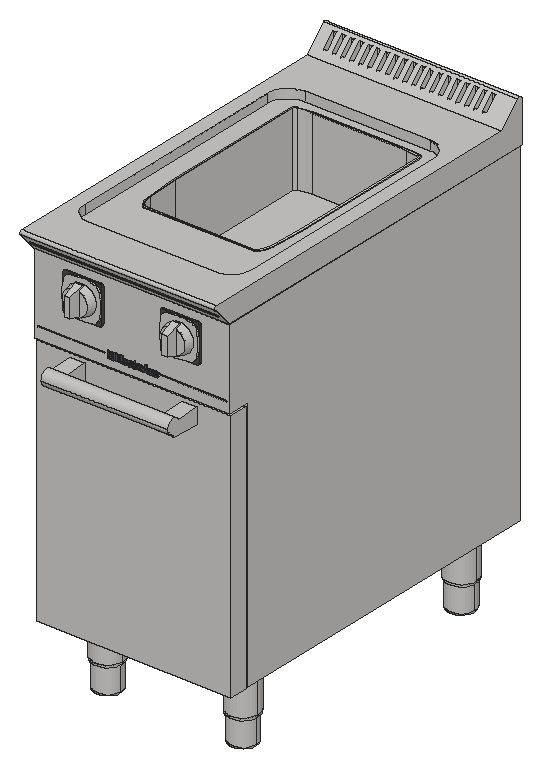
Revit family "QF_ELECTROLUXPROFESSIONAL_169123_ACPG25", category Specialty Equipment, Revit 2018 (continued)
Automatic sketch dimensions
  Extrusion 1 sketch curve to plane 12 = 8.7543"
  Extrusion 1 sketch curve to Extrusion 1 sketch curve = 0.19704"
  Extrusion 1 sketch curve to plane 12 = 1.97597"
  Extrusion 1 sketch curve to Extrusion 1 sketch curve = 0.07881"
  Extrusion 1 sketch curve to plane 12 = 0.33034"
  Extrusion 2 sketch curve to plane 15 = 0"
  Extrusion 2 sketch curve to plane 10 = 0.55911"  (x2)
  Extrusion 2 sketch curve to Extrusion 2 sketch curve = 0.00981"
  Extrusion 2 sketch curve to Extrusion 2 sketch curve = 0.01031"
  Extrusion 2 sketch curve to Extrusion 2 sketch curve = 0"  (x2)
  Extrusion 2 sketch curve to Extrusion 2 sketch curve = 0.19704"
  Extrusion 2 sketch curve to Extrusion 2 sketch curve = 0.11827"
  Extrusion 2 sketch curve to Extrusion 2 sketch curve = 0.68487"
  Extrusion 4 sketch curve to plane 15 = 0"
  Extrusion 4 sketch curve to plane 10 = 0.55911"  (x2)
  Extrusion 4 sketch curve to Extrusion 4 sketch curve = 0.00981"
  Extrusion 4 sketch curve to Extrusion 4 sketch curve = 0.01031"
  Extrusion 4 sketch curve to Extrusion 4 sketch curve = 0"  (x2)
  Extrusion 4 sketch curve to Extrusion 4 sketch curve = 0.19704"
  Extrusion 4 sketch curve to Extrusion 4 sketch curve = 0.11825"
  Extrusion 4 sketch curve to Extrusion 4 sketch curve = 0.68487"
  Extrusion 1 to Extrusion 5 sketch curve = 4"  (x2)
  Extrusion 5 sketch curve to Extrusion 1 = 13.28078"
  Extrusion 1 to Extrusion 5 sketch curve = 0.64672"  (x2)
  Extrusion 5 sketch curve to Extrusion 5 sketch curve = 0.21601"
  Extrusion 5 sketch curve to Extrusion 5 sketch curve = 0.2168"
  Extrusion 5 sketch curve to Extrusion 5 sketch curve = 0"  (x4)
  Extrusion 5 sketch curve to Extrusion 5 sketch curve = 0.23583"
  Extrusion 5 sketch curve to Extrusion 5 sketch curve = 0.01903"  (x2)
  Extrusion 1 to Extrusion 5 sketch curve = 2.24631"  (x2)
  Extrusion 5 sketch curve to Extrusion 5 sketch curve = 2.72752"
  Extrusion 5 sketch curve to Extrusion 5 sketch curve = 0.01981"
  Extrusion 5 sketch curve to Extrusion 5 sketch curve = 0.23562"  (x2)
  Extrusion 1 to Extrusion 5 sketch curve = 11.19212"
  Extrusion 1 to Extrusion 5 sketch curve = 2.63625"
  Extrusion 5 sketch curve to Extrusion 5 sketch curve = 0.01713"
  Extrusion 5 sketch curve to Extrusion 1 = 3.5271"
  Extrusion 6 sketch curve to Extrusion 6 sketch curve = 1.03953"
  Extrusion 6 sketch curve to Extrusion 6 sketch curve = 1.03981"
  Extrusion 6 sketch curve to Extrusion 6 sketch curve = 0"  (x3)
  Extrusion 6 sketch curve to Extrusion 6 sketch curve = 0.57459"
  Extrusion 6 sketch curve to Extrusion 6 sketch curve = 0.57431"
  Extrusion 6 sketch curve to Extrusion 6 sketch curve = 0.16732"  (x4)
  Extrusion 6 sketch curve to Extrusion 6 sketch curve = 0.91132"  (x2)
  Extrusion 6 sketch curve to Extrusion 6 sketch curve = 1.48801"  (x2)
  Extrusion 6 sketch curve to Extrusion 6 sketch curve = 0.74163"
  Extrusion 6 sketch curve to Extrusion 6 sketch curve = 0.74197"
  Extrusion 6 sketch curve to Extrusion 6 sketch curve = 1.03948"  (x3)
  Extrusion 6 sketch curve to Extrusion 6 sketch curve = 0.57443"
  Extrusion 6 sketch curve to Extrusion 6 sketch curve = 0.57468"
  Extrusion 6 sketch curve to Extrusion 6 sketch curve = 0.91129"
  Extrusion 6 sketch curve to Extrusion 6 sketch curve = 0.91154"
  Extrusion 6 sketch curve to Extrusion 6 sketch curve = 0.16877"  (x2)
  Blend 8 sketch curve to Blend 8 sketch curve = 2.29076"
  Blend 8 sketch curve to Blend 8 sketch curve = 0.5483"
  Blend 8 sketch curve to Blend 8 sketch curve = 1.50829"
  Blend 8 sketch curve to Blend 8 sketch curve = 0.43867"
  Extrusion 1 to Extrusion 9 sketch curve = 4"  (x2)
  Extrusion 9 sketch curve to Extrusion 1 = 13.28078"
  Extrusion 1 to Extrusion 9 sketch curve = 0.64672"  (x2)
  Extrusion 9 sketch curve to Extrusion 9 sketch curve = 0.21601"
  Extrusion 9 sketch curve to Extrusion 9 sketch curve = 0.2168"
  Extrusion 9 sketch curve to Extrusion 9 sketch curve = 0"  (x3)
  Extrusion 9 sketch curve to Extrusion 9 sketch curve = 0.23583"
  Extrusion 9 sketch curve to Extrusion 9 sketch curve = 0.01903"  (x2)
  Extrusion 1 to Extrusion 9 sketch curve = 2.24631"  (x2)
  Extrusion 9 sketch curve to Extrusion 9 sketch curve = 2.72752"
  Extrusion 9 sketch curve to Extrusion 9 sketch curve = 0.01981"  (x2)
  Extrusion 9 sketch curve to Extrusion 9 sketch curve = 0.23562"  (x2)
  Extrusion 1 to Extrusion 9 sketch curve = 11.19212"
  Extrusion 1 to Extrusion 9 sketch curve = 5.36375"
  Extrusion 9 sketch curve to Extrusion 9 sketch curve = 0.01713"
  Extrusion 9 sketch curve to Extrusion 1 = 3.5271"
  Extrusion 10 sketch curve to Extrusion 10 sketch curve = 1.03953"
  Extrusion 10 sketch curve to Extrusion 10 sketch curve = 1.03981"
  Extrusion 10 sketch curve to Extrusion 10 sketch curve = 0"  (x4)
  Extrusion 10 sketch curve to Extrusion 10 sketch curve = 0.57459"
  Extrusion 10 sketch curve to Extrusion 10 sketch curve = 0.57431"
  Extrusion 10 sketch curve to Extrusion 10 sketch curve = 0.16732"  (x4)
  Extrusion 10 sketch curve to Extrusion 10 sketch curve = 0.91132"  (x2)
  Extrusion 10 sketch curve to Extrusion 10 sketch curve = 1.48801"  (x2)
  Extrusion 10 sketch curve to Extrusion 10 sketch curve = 0.74163"
  Extrusion 10 sketch curve to Extrusion 10 sketch curve = 0.74197"
  Extrusion 10 sketch curve to Extrusion 10 sketch curve = 1.03948"  (x3)
  Extrusion 10 sketch curve to Extrusion 10 sketch curve = 0.57319"  (x2)
  Extrusion 10 sketch curve to Extrusion 10 sketch curve = 0.91277"
  Extrusion 10 sketch curve to Extrusion 10 sketch curve = 0.91154"
  Extrusion 10 sketch curve to Extrusion 10 sketch curve = 0.16728"
  Blend 12 sketch curve to Blend 12 sketch curve = 2.29076"
  Blend 12 sketch curve to Blend 12 sketch curve = 0.5483"
  Blend 12 sketch curve to Blend 12 sketch curve = 1.50829"
  Blend 12 sketch curve to Blend 12 sketch curve = 0.43867"
  plane 13 to Extrusion 13 sketch curve = 2.72312"
  Extrusion 13 sketch curve to Extrusion 13 sketch curve = 0.50596"  (x2)
  Extrusion 13 sketch curve to Extrusion 13 sketch curve = 1.74979"
  Extrusion 13 sketch curve to Extrusion 13 sketch curve = 1.24507"
  Extrusion 13 sketch curve to Extrusion 13 sketch curve = 0"  (x5)
  Extrusion 13 sketch curve to plane 18 = 1.00419"  (x2)
  Extrusion 13 sketch curve to Extrusion 13 sketch curve = 0.12571"
  Extrusion 13 sketch curve to plane 17 = 1.00419"
  Extrusion 13 sketch curve to Extrusion 13 sketch curve = 1.87675"  (x2)
  plane 17 to Extrusion 13 sketch curve = 0.3666"
  plane 17 to Extrusion 13 sketch curve = 0.36661"
  Extrusion 13 sketch curve to plane 14 = 0.84536"
  plane 14 to Extrusion 13 sketch curve = 0.52543"  (x2)
  plane 14 to Extrusion 13 sketch curve = 0.65115"  (x2)
  Extrusion 13 sketch curve to Extrusion 13 sketch curve = 1.24508"
  Extrusion 13 sketch curve to plane 17 = 1.12991"
  Extrusion 13 sketch curve to plane 18 = 1.12991"
  plane 3 "LEFT" to Extrusion 13 sketch curve = 1.11906"
  Extrusion 13 sketch curve to plane 18 = 1.13097"
  Extrusion 13 to Extrusion 14 sketch curve = 3.60594"  (x2)
  Extrusion 14 sketch curve to Extrusion 13 = 1.58698"
  Extrusion 14 sketch curve to Extrusion 13 = 1.73276"
  Extrusion 14 sketch curve to Extrusion 14 sketch curve = 0"  (x6)
  Extrusion 14 sketch curve to Extrusion 14 sketch curve = 0.28994"
  Extrusion 14 sketch curve to Extrusion 14 sketch curve = 0.39291"  (x2)
  Extrusion 14 sketch curve to Extrusion 14 sketch curve = 0.33411"  (x2)
  Extrusion 14 sketch curve to Extrusion 14 sketch curve = 0.36596"  (x2)
  Extrusion 14 sketch curve to Extrusion 13 = 0.73205"
  Extrusion 14 sketch curve to Extrusion 14 sketch curve = 1.13798"
  Extrusion 14 sketch curve to Extrusion 14 sketch curve = 1.87727"  (x2)
  Extrusion 14 sketch curve to Extrusion 13 = 4.31011"
  Extrusion 14 sketch curve to Extrusion 13 = 3.0149"
  Extrusion 14 sketch curve to Extrusion 14 sketch curve = 1.03501"
  Extrusion 14 sketch curve to Extrusion 14 sketch curve = 0.10297"
  Extrusion 14 sketch curve to Extrusion 14 sketch curve = 8.26235"  (x2)
  Extrusion 14 sketch curve to Extrusion 14 sketch curve = 0.56761"
  Extrusion 15 sketch curve to Extrusion 15 sketch curve = 0"  (x4)
  Extrusion 15 sketch curve to Extrusion 14 = 0.15177"
  Extrusion 15 sketch curve to Extrusion 15 sketch curve = 0.10297"
  Extrusion 15 sketch curve to Extrusion 14 = 0.20923"
  Extrusion 15 sketch curve to Extrusion 14 = 0.47989"
  Extrusion 17 sketch curve to plane 16 = 0"  (x2)
  Extrusion 17 sketch curve to plane 17 = 0"
  plane 18 to Extrusion 17 sketch curve = 0"
  plane 5 "FRONT" to Extrusion 18 sketch curve = 0"  (x2)
  Extrusion 18 sketch curve to plane 3 "LEFT" = 0"
  Extrusion 18 sketch curve to plane 4 "RIGHT" = 0"
  Extrusion 18 sketch curve to plane 3 "LEFT" = 4"
  Extrusion 18 sketch curve to plane 4 "RIGHT" = 4"
  plane 1 "BACK" to Extrusion 18 sketch curve = 0"
  plane 21 to Extrusion 18 sketch curve = 5 5/16"
  Extrusion 19 sketch curve to Extrusion 1 = 1.22084"
  Extrusion 19 sketch curve to Extrusion 1 = 1.20874"
  Extrusion 19 sketch curve to Extrusion 19 sketch curve = 0.0121"
  Extrusion 19 sketch curve to Extrusion 19 sketch curve = 0.0192"
  Extrusion 19 sketch curve to Extrusion 19 sketch curve = 0.0033"
  Extrusion 19 sketch curve to Extrusion 19 sketch curve = 0.01408"
  Extrusion 19 sketch curve to Extrusion 19 sketch curve = 0.02226"
  Extrusion 19 sketch curve to Extrusion 19 sketch curve = 0.04702"
  Extrusion 19 sketch curve to Extrusion 19 sketch curve = 0.01406"
  Extrusion 19 sketch curve to Extrusion 19 sketch curve = 0"  (x27)
  Extrusion 19 sketch curve to Extrusion 19 sketch curve = 0.02824"
  Extrusion 19 sketch curve to Extrusion 19 sketch curve = 0.02657"
  Extrusion 19 sketch curve to Extrusion 19 sketch curve = 0.08092"
  Extrusion 19 sketch curve to Extrusion 19 sketch curve = 0.05744"
  Extrusion 19 sketch curve to Extrusion 19 sketch curve = 0.03525"  (x2)
  Extrusion 19 sketch curve to Extrusion 19 sketch curve = 0.04059"
  Extrusion 19 sketch curve to Extrusion 19 sketch curve = 0.00721"
  Extrusion 19 sketch curve to Extrusion 19 sketch curve = 0.04978"
  Extrusion 19 sketch curve to Extrusion 19 sketch curve = 0.05114"
  Extrusion 19 sketch curve to Extrusion 19 sketch curve = 0.00504"
  Extrusion 19 sketch curve to Extrusion 19 sketch curve = 0.00534"
  Extrusion 19 sketch curve to Extrusion 19 sketch curve = 0.01941"
  Extrusion 19 sketch curve to Extrusion 19 sketch curve = 0.11783"
  Extrusion 19 sketch curve to Extrusion 19 sketch curve = 0.00191"
  Extrusion 19 sketch curve to Extrusion 19 sketch curve = 0.2011"  (x2)
  Extrusion 19 sketch curve to Extrusion 19 sketch curve = 0.19096"
  Extrusion 19 sketch curve to Extrusion 19 sketch curve = 0.00246"
  Extrusion 19 sketch curve to Extrusion 19 sketch curve = 0.00497"
  Extrusion 19 sketch curve to Extrusion 19 sketch curve = 0.12721"
  Extrusion 19 sketch curve to Extrusion 19 sketch curve = 0.00272"  (x2)
  Extrusion 19 sketch curve to Extrusion 19 sketch curve = 0.00663"
  Extrusion 19 sketch curve to Extrusion 19 sketch curve = 0.01654"
  Extrusion 19 sketch curve to Extrusion 19 sketch curve = 0.02545"
  Extrusion 19 sketch curve to Extrusion 19 sketch curve = 0.09212"
  Extrusion 19 sketch curve to Extrusion 19 sketch curve = 0.02433"
  Extrusion 19 sketch curve to Extrusion 19 sketch curve = 0.03235"
  Extrusion 19 sketch curve to Extrusion 19 sketch curve = 0.00898"
  Extrusion 19 sketch curve to Extrusion 19 sketch curve = 0.0413"
  Extrusion 19 sketch curve to Extrusion 19 sketch curve = 0.00253"
  Extrusion 19 sketch curve to Extrusion 19 sketch curve = 0.03097"
  Extrusion 19 sketch curve to Extrusion 19 sketch curve = 0.04818"  (x2)
  Extrusion 19 sketch curve to Extrusion 19 sketch curve = 0.05335"
  Extrusion 19 sketch curve to Extrusion 19 sketch curve = 0.01891"
  Extrusion 19 sketch curve to Extrusion 19 sketch curve = 0.05143"
  Extrusion 19 sketch curve to Extrusion 19 sketch curve = 0.02191"  (x2)
  Extrusion 19 sketch curve to Extrusion 19 sketch curve = 0.04009"
  Extrusion 19 sketch curve to Extrusion 19 sketch curve = 0.05359"
  Extrusion 19 sketch curve to Extrusion 19 sketch curve = 0.05847"
  Extrusion 19 sketch curve to Extrusion 19 sketch curve = 0.0403"  (x2)
  Extrusion 19 sketch curve to Extrusion 19 sketch curve = 0.01147"
  Extrusion 19 sketch curve to Extrusion 19 sketch curve = 0.06584"
  Extrusion 19 sketch curve to Extrusion 19 sketch curve = 0.07403"
  Extrusion 19 sketch curve to Extrusion 19 sketch curve = 0.23363"
  Extrusion 19 sketch curve to Extrusion 19 sketch curve = 0.01527"
  Extrusion 19 sketch curve to Extrusion 19 sketch curve = 0.0352"
  Extrusion 19 sketch curve to Extrusion 19 sketch curve = 0.04362"
  Extrusion 19 sketch curve to Extrusion 19 sketch curve = 0.046"
  Extrusion 19 sketch curve to Extrusion 19 sketch curve = 0.10063"
  Extrusion 19 sketch curve to Extrusion 19 sketch curve = 0.01164"
  Extrusion 19 sketch curve to Extrusion 19 sketch curve = 0.06148"
  Extrusion 19 sketch curve to Extrusion 19 sketch curve = 0.00016"
  Extrusion 19 sketch curve to Extrusion 19 sketch curve = 0.04568"
  Extrusion 19 sketch curve to Extrusion 19 sketch curve = 0.00247"
  Extrusion 19 sketch curve to Extrusion 19 sketch curve = 0.00084"
  Extrusion 19 sketch curve to Extrusion 19 sketch curve = 0.01914"
  Extrusion 19 sketch curve to Extrusion 19 sketch curve = 0.02823"
  Extrusion 19 sketch curve to Extrusion 19 sketch curve = 0.02175"
  Extrusion 19 sketch curve to Extrusion 19 sketch curve = 0.05282"
  Extrusion 19 sketch curve to Extrusion 19 sketch curve = 0.0599"
  Extrusion 19 sketch curve to Extrusion 19 sketch curve = 0.13286"  (x2)
  Extrusion 19 sketch curve to Extrusion 19 sketch curve = 0.03063"
  Extrusion 19 sketch curve to Extrusion 19 sketch curve = 0.04029"
  Extrusion 19 sketch curve to Extrusion 19 sketch curve = 0.00806"
  Extrusion 19 sketch curve to Extrusion 19 sketch curve = 0.06564"
  Extrusion 19 sketch curve to Extrusion 19 sketch curve = 0.09975"
  Extrusion 19 sketch curve to Extrusion 19 sketch curve = 0.00008"
  Extrusion 19 sketch curve to Extrusion 19 sketch curve = 0.01812"
  Extrusion 19 sketch curve to Extrusion 19 sketch curve = 0.00242"
  Extrusion 19 sketch curve to Extrusion 19 sketch curve = 0.02607"
  Extrusion 19 sketch curve to Extrusion 19 sketch curve = 0.00566"
  Extrusion 19 sketch curve to Extrusion 19 sketch curve = 0.03157"
  Extrusion 19 sketch curve to Extrusion 19 sketch curve = 0.03501"
  Extrusion 19 sketch curve to Extrusion 19 sketch curve = 0.00112"
  Extrusion 19 sketch curve to Extrusion 19 sketch curve = 0.06358"
  Extrusion 19 sketch curve to Extrusion 19 sketch curve = 0.01521"
  Extrusion 19 sketch curve to Extrusion 19 sketch curve = 0.01504"
  Extrusion 19 sketch curve to Extrusion 19 sketch curve = 0.03527"  (x3)
  Extrusion 19 sketch curve to Extrusion 19 sketch curve = 0.04958"
  Extrusion 19 sketch curve to Extrusion 19 sketch curve = 0.08606"
  Extrusion 19 sketch curve to Extrusion 19 sketch curve = 0.07243"
  Extrusion 19 sketch curve to Extrusion 19 sketch curve = 0.03545"
  Extrusion 19 sketch curve to Extrusion 19 sketch curve = 0.05034"
  Extrusion 19 sketch curve to Extrusion 19 sketch curve = 0.03411"
  Extrusion 19 sketch curve to Extrusion 19 sketch curve = 0.05313"
  Extrusion 19 sketch curve to Extrusion 19 sketch curve = 0.00977"
  Extrusion 19 sketch curve to Extrusion 19 sketch curve = 0.05159"  (x2)
  Extrusion 19 sketch curve to Extrusion 19 sketch curve = 0.01118"
  Extrusion 19 sketch curve to Extrusion 19 sketch curve = 0.17297"
  Extrusion 19 sketch curve to Extrusion 19 sketch curve = 0.07906"
  Extrusion 19 sketch curve to Extrusion 19 sketch curve = 0.04141"
  Extrusion 19 sketch curve to Extrusion 19 sketch curve = 0.04762"
  Extrusion 19 sketch curve to Extrusion 19 sketch curve = 0.10599"  (x2)
  Extrusion 19 sketch curve to Extrusion 19 sketch curve = 0.08353"
  Extrusion 19 sketch curve to Extrusion 19 sketch curve = 0.07333"
  Extrusion 19 sketch curve to Extrusion 19 sketch curve = 0.02237"
  Extrusion 19 sketch curve to Extrusion 19 sketch curve = 0.00694"
  Extrusion 19 sketch curve to Extrusion 19 sketch curve = 0.02252"
  Extrusion 19 sketch curve to Extrusion 19 sketch curve = 0.02128"
  Extrusion 19 sketch curve to Extrusion 19 sketch curve = 0.03165"
  Extrusion 19 sketch curve to Extrusion 19 sketch curve = 0.03759"
  Extrusion 19 sketch curve to Extrusion 19 sketch curve = 0.02864"
  Extrusion 19 sketch curve to Extrusion 19 sketch curve = 0.0054"
  Extrusion 19 sketch curve to Extrusion 19 sketch curve = 0.01699"
  Extrusion 19 sketch curve to Extrusion 19 sketch curve = 0.04786"
  Extrusion 19 sketch curve to Extrusion 19 sketch curve = 0.04808"
  Extrusion 19 sketch curve to Extrusion 19 sketch curve = 0.1351"
  Extrusion 19 sketch curve to Extrusion 19 sketch curve = 0.04926"
  Extrusion 19 sketch curve to Extrusion 19 sketch curve = 0.00239"
  Extrusion 19 sketch curve to Extrusion 19 sketch curve = 0.08074"
  Extrusion 19 sketch curve to Extrusion 19 sketch curve = 0.03774"
  Extrusion 19 sketch curve to Extrusion 19 sketch curve = 0.0183"
  Extrusion 19 sketch curve to Extrusion 19 sketch curve = 0.00509"
  Extrusion 19 sketch curve to Extrusion 19 sketch curve = 0.07086"
  Extrusion 19 sketch curve to Extrusion 19 sketch curve = 0.04496"
  Extrusion 19 sketch curve to Extrusion 19 sketch curve = 0.00302"
  Extrusion 19 sketch curve to Extrusion 19 sketch curve = 0.01735"
  Extrusion 19 sketch curve to Extrusion 19 sketch curve = 0.07558"
  Extrusion 19 sketch curve to Extrusion 19 sketch curve = 0.05536"
  Extrusion 19 sketch curve to Extrusion 19 sketch curve = 0.09987"
  Extrusion 19 sketch curve to Extrusion 19 sketch curve = 0.00165"
  Extrusion 19 sketch curve to Extrusion 19 sketch curve = 0.03736"
  Extrusion 19 sketch curve to Extrusion 19 sketch curve = 0.10263"
  Extrusion 19 sketch curve to Extrusion 19 sketch curve = 0.04336"
  Extrusion 19 sketch curve to Extrusion 19 sketch curve = 0.03023"
  Extrusion 19 sketch curve to Extrusion 19 sketch curve = 1/128"
  Extrusion 19 sketch curve to Extrusion 19 sketch curve = 0.01296"
  Extrusion 19 sketch curve to Extrusion 19 sketch curve = 0.04368"
  Extrusion 19 sketch curve to Extrusion 19 sketch curve = 0.04494"  (x2)
  Extrusion 19 sketch curve to Extrusion 19 sketch curve = 0.01604"
  Extrusion 19 sketch curve to Extrusion 19 sketch curve = 0.02079"
  Extrusion 19 sketch curve to Extrusion 19 sketch curve = 0.05295"  (x2)
  Extrusion 19 sketch curve to Extrusion 19 sketch curve = 0.02123"
  Extrusion 19 sketch curve to Extrusion 19 sketch curve = 0.04531"
  Extrusion 19 sketch curve to Extrusion 19 sketch curve = 0.04841"
  Extrusion 19 sketch curve to Extrusion 19 sketch curve = 0.02703"
  Extrusion 19 sketch curve to Extrusion 19 sketch curve = 0.02924"
  Extrusion 19 sketch curve to Extrusion 19 sketch curve = 0.01981"
  Extrusion 19 sketch curve to Extrusion 19 sketch curve = 0.04667"
  Extrusion 19 sketch curve to Extrusion 19 sketch curve = 0.03956"
  Extrusion 19 sketch curve to Extrusion 19 sketch curve = 0.03231"
  Extrusion 19 sketch curve to Extrusion 19 sketch curve = 0.00625"
  Extrusion 19 sketch curve to Extrusion 19 sketch curve = 0.0175"
  Extrusion 19 sketch curve to Extrusion 19 sketch curve = 0.06507"
  Extrusion 19 sketch curve to Extrusion 19 sketch curve = 0.01349"
  Extrusion 19 sketch curve to Extrusion 19 sketch curve = 0.02337"
  Extrusion 19 sketch curve to Extrusion 19 sketch curve = 0.03253"
  Extrusion 19 sketch curve to Extrusion 19 sketch curve = 0.03356"
  Extrusion 19 sketch curve to Extrusion 19 sketch curve = 0.04679"
  Extrusion 19 sketch curve to Extrusion 19 sketch curve = 0.03654"
  Extrusion 19 sketch curve to Extrusion 19 sketch curve = 0.01895"
  Extrusion 19 sketch curve to Extrusion 19 sketch curve = 0.0437"
  Extrusion 19 sketch curve to Extrusion 19 sketch curve = 0.09194"
  Extrusion 19 sketch curve to Extrusion 19 sketch curve = 0.06915"
  Extrusion 19 sketch curve to Extrusion 19 sketch curve = 0.03684"
  Extrusion 19 sketch curve to Extrusion 19 sketch curve = 0.06858"
  Extrusion 1 to Extrusion 19 sketch curve = 5.99033"
  Extrusion 19 sketch curve to Extrusion 19 sketch curve = 0.01848"
  Extrusion 19 sketch curve to Extrusion 19 sketch curve = 0.088"  (x2)
  Extrusion 19 sketch curve to Extrusion 19 sketch curve = 0.08055"
  Extrusion 19 sketch curve to Extrusion 19 sketch curve = 0.00106"
  Extrusion 19 sketch curve to Extrusion 19 sketch curve = 0.02476"
  Extrusion 19 sketch curve to Extrusion 19 sketch curve = 0.19857"
  Extrusion 19 sketch curve to Extrusion 19 sketch curve = 0.11228"
  Extrusion 19 sketch curve to Extrusion 19 sketch curve = 0.12055"  (x2)
  Extrusion 19 sketch curve to Extrusion 19 sketch curve = 0.08685"
  Extrusion 19 sketch curve to Extrusion 19 sketch curve = 0.13075"
  Extrusion 19 sketch curve to Extrusion 19 sketch curve = 0.00088"
  Extrusion 19 sketch curve to Extrusion 19 sketch curve = 0.01154"
  Extrusion 19 sketch curve to Extrusion 19 sketch curve = 0.01388"
  Extrusion 19 sketch curve to Extrusion 19 sketch curve = 0.01679"
  Extrusion 19 sketch curve to Extrusion 19 sketch curve = 0.0014"
  Extrusion 19 sketch curve to Extrusion 19 sketch curve = 0.09663"
  Extrusion 19 sketch curve to Extrusion 19 sketch curve = 0.03073"
  Extrusion 19 sketch curve to Extrusion 19 sketch curve = 0.0187"
  Extrusion 19 sketch curve to Extrusion 19 sketch curve = 0.10948"
  Extrusion 19 sketch curve to Extrusion 19 sketch curve = 0.04515"
  Extrusion 19 sketch curve to Extrusion 19 sketch curve = 0.04538"
  Extrusion 19 sketch curve to Extrusion 19 sketch curve = 0.04915"
  Extrusion 19 sketch curve to Extrusion 19 sketch curve = 0.05995"
  Extrusion 19 sketch curve to Extrusion 19 sketch curve = 0.01542"
  Extrusion 19 sketch curve to Extrusion 19 sketch curve = 0.03373"
  Extrusion 19 sketch curve to Extrusion 19 sketch curve = 0.0008"
  Extrusion 19 sketch curve to Extrusion 19 sketch curve = 0.03265"
  Extrusion 19 sketch curve to Extrusion 19 sketch curve = 0.01844"
  Extrusion 19 sketch curve to Extrusion 19 sketch curve = 0.02125"
  Extrusion 19 sketch curve to Extrusion 19 sketch curve = 0.03564"
  Extrusion 19 sketch curve to Extrusion 19 sketch curve = 0.05208"
  Extrusion 19 sketch curve to Extrusion 19 sketch curve = 0.04052"
  Extrusion 19 sketch curve to Extrusion 19 sketch curve = 0.03291"
  Extrusion 19 sketch curve to Extrusion 19 sketch curve = 0.03552"
  Extrusion 19 sketch curve to Extrusion 19 sketch curve = 0.05965"
  Extrusion 19 sketch curve to Extrusion 19 sketch curve = 0.05364"
  Extrusion 19 sketch curve to Extrusion 19 sketch curve = 0.01803"
  Extrusion 19 sketch curve to Extrusion 19 sketch curve = 0.01384"
  Extrusion 19 sketch curve to Extrusion 19 sketch curve = 0.01064"
  Extrusion 19 sketch curve to Extrusion 19 sketch curve = 0.05909"
  Extrusion 19 sketch curve to Extrusion 19 sketch curve = 0.01979"
  Extrusion 19 sketch curve to Extrusion 19 sketch curve = 0.0037"
  Extrusion 19 sketch curve to Extrusion 19 sketch curve = 0.00538"
  Extrusion 19 sketch curve to Extrusion 19 sketch curve = 0.09438"
  Extrusion 19 sketch curve to Extrusion 19 sketch curve = 0.05203"
  Extrusion 19 sketch curve to Extrusion 19 sketch curve = 0.04463"
  Extrusion 19 sketch curve to Extrusion 19 sketch curve = 0.10652"
  Extrusion 19 sketch curve to Extrusion 19 sketch curve = 0.10618"
  Extrusion 19 sketch curve to Extrusion 19 sketch curve = 0.10076"
  Extrusion 19 sketch curve to Extrusion 19 sketch curve = 0.06125"
  Extrusion 19 sketch curve to Extrusion 19 sketch curve = 0.00875"
  Extrusion 19 sketch curve to Extrusion 19 sketch curve = 0.05444"
  Extrusion 19 sketch curve to Extrusion 19 sketch curve = 0.12261"
  Extrusion 19 sketch curve to Extrusion 19 sketch curve = 0.1329"
  Extrusion 19 sketch curve to Extrusion 19 sketch curve = 0.03676"
  Extrusion 19 sketch curve to Extrusion 19 sketch curve = 0.00751"
  Extrusion 19 sketch curve to Extrusion 19 sketch curve = 0.14553"
  Extrusion 19 sketch curve to Extrusion 19 sketch curve = 0.10662"
  Extrusion 19 sketch curve to Extrusion 19 sketch curve = 0.13121"
  Extrusion 19 sketch curve to Extrusion 19 sketch curve = 0.01308"
  Extrusion 19 sketch curve to Extrusion 19 sketch curve = 0.04281"
  Extrusion 19 sketch curve to Extrusion 19 sketch curve = 0.0878"
  Extrusion 19 sketch curve to Extrusion 19 sketch curve = 0.10854"
  Extrusion 19 sketch curve to Extrusion 19 sketch curve = 0.05962"
  Extrusion 19 sketch curve to Extrusion 19 sketch curve = 0.0219"
  Extrusion 19 sketch curve to Extrusion 19 sketch curve = 0.06021"
  Extrusion 19 sketch curve to Extrusion 19 sketch curve = 0.07073"
  Extrusion 19 sketch curve to Extrusion 19 sketch curve = 0.11255"
  Extrusion 19 sketch curve to Extrusion 19 sketch curve = 0.03359"
  Extrusion 19 sketch curve to Extrusion 19 sketch curve = 0.04884"
  Extrusion 19 sketch curve to Extrusion 19 sketch curve = 0.01048"
  Extrusion 19 sketch curve to Extrusion 19 sketch curve = 0.08056"
  Extrusion 19 sketch curve to Extrusion 19 sketch curve = 0.09536"
  Extrusion 19 sketch curve to Extrusion 19 sketch curve = 0.01065"
  Extrusion 19 sketch curve to Extrusion 19 sketch curve = 0.02716"
  Extrusion 19 sketch curve to Extrusion 19 sketch curve = 0.03075"
  Extrusion 19 sketch curve to Extrusion 19 sketch curve = 0.12346"
  Extrusion 19 sketch curve to Extrusion 19 sketch curve = 0.06956"
  Extrusion 19 sketch curve to Extrusion 19 sketch curve = 0.00543"
  Extrusion 19 sketch curve to Extrusion 19 sketch curve = 0.03058"
  Extrusion 19 sketch curve to Extrusion 19 sketch curve = 3/64"
  Extrusion 19 sketch curve to Extrusion 19 sketch curve = 0.03081"
  Extrusion 19 sketch curve to Extrusion 19 sketch curve = 0.04992"
  Extrusion 19 sketch curve to Extrusion 19 sketch curve = 0.01662"
  Extrusion 19 sketch curve to Extrusion 19 sketch curve = 0.06139"
  Extrusion 19 sketch curve to Extrusion 19 sketch curve = 0.15461"
  Extrusion 19 sketch curve to Extrusion 19 sketch curve = 0.06859"
  Extrusion 19 sketch curve to Extrusion 19 sketch curve = 0.03869"
  Extrusion 20 sketch curve to Extrusion 1 = 0.21865"  (x2)
  Extrusion 1 to Extrusion 20 sketch curve = 0.83521"  (x2)
  Extrusion 20 sketch curve to Extrusion 20 sketch curve = 0.14388"  (x2)
  Extrusion 20 sketch curve to Extrusion 20 sketch curve = 5.5968"
  Extrusion 20 sketch curve to Extrusion 20 sketch curve = 4.36909"
  plane 10 to Extrusion 21 sketch curve = 0.48221"
  Extrusion 21 sketch curve to Extrusion 21 sketch curve = 0.07434"
  plane 15 to Extrusion 21 sketch curve = 0.64782"
  Extrusion 21 sketch curve to plane 12 = 1.46556"
  Extrusion 21 sketch curve to Extrusion 21 sketch curve = 0.06462"
  Revolve 22 sketch curve to plane 11 "Base Height" = 0"  (x2)
  plane 11 "Base Height" to Revolve 22 sketch curve = 1/4"
  plane 3 "LEFT" to Revolve 22 sketch curve = 1.18621"
  Revolve 22 sketch curve to Revolve 22 sketch curve = 0.03153"
  plane 3 "LEFT" to Revolve 22 sketch curve = 1.32808"
  Revolve 22 sketch curve to Revolve 22 sketch curve = 1.25714"
  Revolve 22 sketch curve to Revolve 22 sketch curve = 0"
  Revolve 23 sketch curve to plane 11 "Base Height" = 0"  (x2)
  plane 11 "Base Height" to Revolve 23 sketch curve = 1/4"
  Revolve 23 sketch curve to plane 18 = 1.55665"
  Revolve 23 sketch curve to Revolve 23 sketch curve = 0"
  Revolve 23 sketch curve to Revolve 23 sketch curve = 1.03801"
  Revolve 23 sketch curve to Revolve 23 sketch curve = 0.11035"
  Revolve 23 sketch curve to Revolve 23 sketch curve = 0.03153"
  Revolve 24 sketch curve to plane 11 "Base Height" = 0"  (x2)
  plane 11 "Base Height" to Revolve 24 sketch curve = 1/4"
  Revolve 24 sketch curve to plane 17 = 1.55665"
  Revolve 24 sketch curve to Revolve 24 sketch curve = 0"
  Revolve 24 sketch curve to Revolve 24 sketch curve = 1.03801"
  Revolve 24 sketch curve to Revolve 24 sketch curve = 0.11035"
  Revolve 24 sketch curve to Revolve 24 sketch curve = 0.03153"
  Revolve 25 sketch curve to plane 11 "Base Height" = 0"  (x2)
  plane 11 "Base Height" to Revolve 25 sketch curve = 1/4"
  plane 4 "RIGHT" to Revolve 25 sketch curve = 1.18621"
  Revolve 25 sketch curve to Revolve 25 sketch curve = 0.03153"
  plane 4 "RIGHT" to Revolve 25 sketch curve = 1.32808"
  Revolve 25 sketch curve to Revolve 25 sketch curve = 1.25714"
  Revolve 25 sketch curve to Revolve 25 sketch curve = 0"
  Extrusion 3 sketch curve to plane 5 "FRONT" = 0.59113"
  Extrusion 26 sketch curve to plane 3 "LEFT" = 0"
  Extrusion 26 sketch curve to plane 4 "RIGHT" = 0"
  plane 15 to Extrusion 26 sketch curve = 0"
  plane 19 to Extrusion 26 sketch curve = 0.00082"
  plane 3 "LEFT" to Extrusion 26 sketch curve = 0.11008"
  Extrusion 16 sketch curve to Extrusion 16 sketch curve = 0.32315"
  Extrusion 16 sketch curve to Extrusion 16 sketch curve = 0.97532"
  Extrusion 27 sketch curve to Extrusion 27 sketch curve = 0.32315"
  Extrusion 27 sketch curve to Extrusion 27 sketch curve = 0.97532"
  Extrusion 28 sketch curve to Extrusion 28 sketch curve = 0.32315"
  Extrusion 28 sketch curve to Extrusion 28 sketch curve = 0.97532"
  Extrusion 29 sketch curve to Extrusion 29 sketch curve = 0.32315"
  Extrusion 29 sketch curve to Extrusion 29 sketch curve = 0.97532"
  Extrusion 30 sketch curve to Extrusion 30 sketch curve = 0.32315"
  Extrusion 30 sketch curve to Extrusion 30 sketch curve = 0.97532"
  Extrusion 31 sketch curve to Extrusion 31 sketch curve = 0.32315"
  Extrusion 31 sketch curve to Extrusion 31 sketch curve = 0.97532"
  Extrusion 32 sketch curve to Extrusion 32 sketch curve = 0.32315"
  Extrusion 32 sketch curve to Extrusion 32 sketch curve = 0.97532"
  Extrusion 33 sketch curve to Extrusion 33 sketch curve = 0.32315"
  Extrusion 33 sketch curve to Extrusion 33 sketch curve = 0.97532"
  Extrusion 34 sketch curve to Extrusion 34 sketch curve = 0.32315"
  Extrusion 34 sketch curve to Extrusion 34 sketch curve = 0.97532"
  Extrusion 35 sketch curve to Extrusion 35 sketch curve = 0.32315"
  Extrusion 35 sketch curve to Extrusion 35 sketch curve = 0.97532"
  Extrusion 36 sketch curve to Extrusion 36 sketch curve = 0.32315"
  Extrusion 36 sketch curve to Extrusion 36 sketch curve = 0.97532"
  Extrusion 37 sketch curve to Extrusion 37 sketch curve = 0.32315"
  Extrusion 37 sketch curve to Extrusion 37 sketch curve = 0.97532"
  Extrusion 38 sketch curve to Extrusion 38 sketch curve = 0.32315"
  Extrusion 38 sketch curve to Extrusion 38 sketch curve = 0.97532"
  Extrusion 39 sketch curve to Extrusion 39 sketch curve = 0.32315"
  Extrusion 39 sketch curve to Extrusion 39 sketch curve = 0.97532"
  Extrusion 40 sketch curve to Extrusion 40 sketch curve = 0.32315"
  Extrusion 40 sketch curve to Extrusion 40 sketch curve = 0.97532"
  Extrusion 41 sketch curve to Extrusion 41 sketch curve = 0.32315"
  Extrusion 41 sketch curve to Extrusion 41 sketch curve = 0.97532"
  Extrusion 42 sketch curve to Extrusion 42 sketch curve = 0.32315"
  Extrusion 42 sketch curve to Extrusion 42 sketch curve = 0.97532"
  Extrusion 43 sketch curve to Extrusion 43 sketch curve = 0.32315"
  Extrusion 43 sketch curve to Extrusion 43 sketch curve = 0.97532"
  Extrusion 44 sketch curve to Extrusion 44 sketch curve = 0.32315"
  Extrusion 44 sketch curve to Extrusion 44 sketch curve = 0.97532"
  radius of Blend 7 sketch curve = 1.18227"
  radius of Blend 7 sketch curve = 1.02932"
  radius of Blend 11 sketch curve = 1.18227"
  radius of Blend 11 sketch curve = 1.02932"
  radius of Extrusion 15 sketch curve to Extrusion 14 = 0"  (x8)
  radius of Extrusion 15 sketch curve to Extrusion 14 = 1/8"  (x8)
  radius of Extrusion 17 sketch curve = 1/2"  (x2)
  radius of Extrusion 3 sketch curve = 0.59113"
Connectors (in)
  piping at (4, 0.6875, 15.75), diameter 0.75
    settings: on Extrusion 17, index 1, connector inside diameter 3/4", connector length 0", flow factor 0, pipe flow 0 GPM, pressure drop 0.00 psi, fitting loss kfactor 0, connector angle 0.00°, fixture units 0, engagement length 0", angle of deflection 0.00°, flow configuration 1, flow direction 1, fitting loss method 0, system type 7, joint type 0, gender type 0, connector reference index -1, connector utility 0, adjustable connector no, is connector primary yes, connector description "GAS INLET"
  piping at (12, 0.6875, 15.75), diameter 0.5
    settings: on Extrusion 17, index 2, connector inside diameter 1/2", connector length 0", flow factor 0, pipe flow 0 GPM, pressure drop 0.00 psi, fitting loss kfactor 0, connector angle 0.00°, fixture units 0, engagement length 0", angle of deflection 0.00°, flow configuration 1, flow direction 1, fitting loss method 0, system type 20, joint type 0, gender type 0, connector reference index -1, connector utility 0, adjustable connector no, is connector primary no, connector description "WATER INLET"
